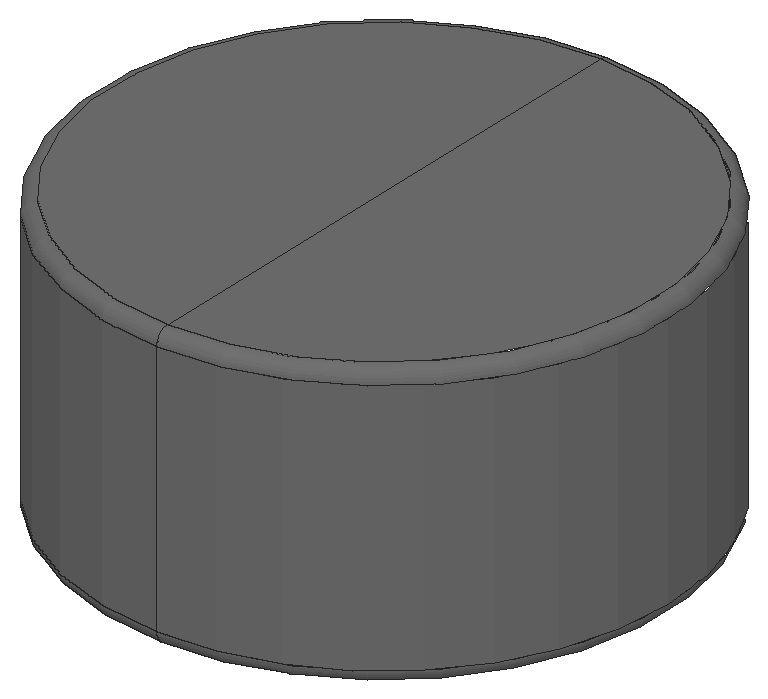
Revit family "RB_Регулятор потока", category Соединительные детали воздуховодов, Revit 2023
Family settings
  Размер круглого соединителя = Использовать диаметр
  Тип детали = Мультипорт
  На основе рабочей плоскости = Нет
  Всегда вертикально = Да
  При загрузке вырезать с полостями = Нет
  Общий = Да
Parameters (values of type "Default")
  Отметка по умолчанию = 0 mm
  Материал = EPDM
  ADSK_Наименование [instance] = "Регулятор потока 75 мм"  # constant formula
  ADSK_Масса = 0
  ADSK_Марка [instance] = ""  # constant formula
  ADSK_Количество [instance] = 1  # constant formula
  ADSK_Код изделия [instance] = "75011"  # constant formula
  ADSK_Завод-изготовитель = "ООО"  # constant formula
  ADSK_Единица измерения [instance] = "шт."  # constant formula
Reference planes
  plane 1 "По центру (Вперед/Назад)": y = 0
  plane 2: z = 0
  plane 3 "По центру (Влево/Вправо)": x = 0
Forms (mm)
  Revolve 1, solid, material "EPDM" <- "Материал"
    sketch origin (0, 0, -2.051) x (0, 1, 0) y (0, 0, 1)
      loop
        line (-31.391, 17.542) -> (-31.391, -10.635)
        arc (-31.391, -10.635) -> (-30.952, -11.695) -> (-29.891, -12.135) r 1.5
        line (-29.891, -12.135) -> (0, -12.135) -> (0, 19.042) -> (-29.891, 19.042)
        arc (-29.891, 19.042) -> (-30.952, 18.603) -> (-31.391, 17.542) r 1.5
      axis (0, 19.042) -> (0, -12.135)
    angle from 0 to 360
  Revolve 2, solid
    sketch origin (0, 0, 0) x (1, 0, 0) y (0, 0, 1)
      loop
        line (0, -14.251) -> (0, -15.981) -> (11.892, -15.981) -> (11.892, -14.251) -> (0, -14.251)
      axis (0, -15.981) -> (0, -14.251)
    angle from 0 to 360
Dimensions and locks
  plane 1 "По центру (Вперед/Назад)" to Revolve 1 sketch curve = 31.391 mm
  Revolve 2 sketch curve to plane 3 "По центру (Влево/Вправо)" = 11.892 mm
  aligned and locked: level to plane 2
Automatic sketch dimensions
  Revolve 1 sketch curve to plane 1 "По центру (Вперед/Назад)" = 0 mm  (x2)
  Revolve 1 sketch curve to level = 12.686 mm
  Revolve 1 sketch curve to Revolve 1 sketch curve = 1.5 mm
  Revolve 1 sketch curve to Revolve 1 sketch curve = 0 mm
  level to Revolve 1 sketch curve = 15.491 mm
  Revolve 1 sketch curve to Revolve 1 sketch curve = 9.016 mm
  Revolve 1 sketch curve to Revolve 1 sketch curve = 12.161 mm
  Revolve 2 sketch curve to level = 0 mm
  Revolve 2 sketch curve to plane 3 "По центру (Влево/Вправо)" = 0 mm  (x2)
  Revolve 2 sketch curve to level = 14.251 mm
  Revolve 2 sketch curve to Revolve 2 sketch curve = 1.73 mm
  level to Revolve 2 sketch curve = 15 mm
